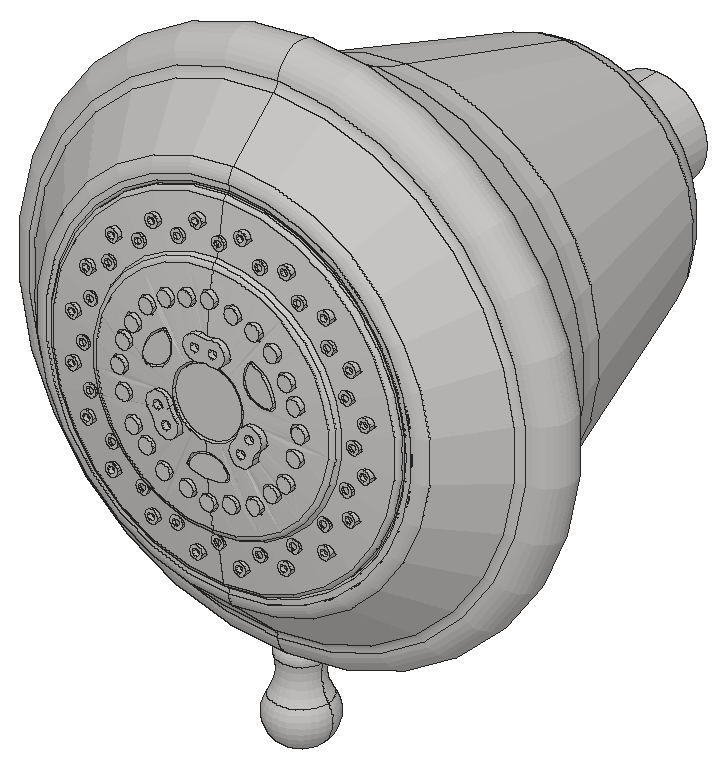
Revit family "RP43381_BIM", category Plumbing Fixtures, host Face, Revit 2014
Parameters (values of type "Standard")
  Width = 4 7/8"
  Vent Connection = no
  URL = "www.deltafaucet.com"
  Manufacturer = "DELTA"  # constant formula
  Faucet Material = Metal - Delta - Stainless-Steel
  Model = "RP43381"  # constant formula
  Height = 5 5/8"
  Description = "Faucet"  # constant formula
  Depth = 5 9/64"
  Default Elevation = 0"
Reference planes (in)
  plane 1 "Center (Front/Back)": y = 0
  plane 2: z = 0
  plane 3 "Center (Left/Right)": x = 0
  plane 4: y = 2.57031
  plane 5: y = -2.57031
  plane 6: z = 5.625
  plane 7: x = 10.125
  plane 8: x = -2.4375
  plane 9: x = 2.4375
Forms (in)
  Revolve 1, solid, material "Metal - Delta - Stainless-Steel" <- "Faucet Material"
    sketch origin (0, 0, 0) x (0, 1, 0) y (0, 0, 1)
      loop
        arc (1.50698, 4.32838) -> (0.63135, 4.66745) -> (-0.27422, 4.91578) r 9.22731
        arc (-0.27422, 4.91578) -> (-0.44052, 4.96367) -> (-0.59941, 5.03228) r 1.36095
        line (-0.59941, 5.03228) -> (-1.13496, 5.30516)
        arc (-1.13496, 5.30516) -> (-1.17586, 5.30355) -> (-1.19586, 5.26784) r 0.04189
        line (-1.19586, 5.26784) -> (-1.19586, 5.16166) -> (-1.23039, 5.16166) -> (-1.20885, 5.26821) -> (-1.20885, 5.375)
        arc (-1.20885, 5.375) -> (-1.44299, 5.62579) -> (-1.70924, 5.4094) r 0.25138
        arc (-1.70924, 5.4094) -> (-1.72336, 5.36634) -> (-1.7517, 5.33099) r 0.1269
        line (-1.7517, 5.33099) -> (-2.20427, 4.93757)
        arc (-2.20427, 4.93757) -> (-2.24456, 4.88361) -> (-2.25885, 4.81779) r 0.15871
        line (-2.25885, 4.81779) -> (-2.25885, 4.76825)
        arc (-2.25885, 4.76825) -> (-2.25152, 4.75054) -> (-2.23381, 4.7432) r 0.02504
        line (-2.23381, 4.7432) -> (-1.88752, 4.7432) -> (-0.48993, 4.83232) -> (1.80384, 3.85867) -> (1.80384, 3.43648) -> (2.53206, 3.43648) -> (2.53206, 3.62057) -> (2.10692, 3.62057)
        arc (2.10692, 3.62057) -> (2.08367, 3.61324) -> (2.06882, 3.59389) r 0.04055
        line (2.06882, 3.59389) -> (2.05098, 3.54486)
        arc (2.05098, 3.54486) -> (2.03814, 3.52813) -> (2.01803, 3.52179) r 0.03506
        line (2.01803, 3.52179) -> (1.95, 3.52179)
        arc (1.95, 3.52179) -> (1.93451, 3.52821) -> (1.9281, 3.54369) r 0.0219
        line (1.9281, 3.54369) -> (1.9281, 3.67887)
        arc (1.9281, 3.67887) -> (1.81361, 4.06591) -> (1.50698, 4.32838) r 0.71145
      axis (2.53206, 3.17613) -> (-2.25885, 3.17613)
    angle from 0 to 360
  Revolve 2, solid, material "Metal - Delta - Stainless-Steel" <- "Faucet Material"
    sketch origin (0, -1.45313, 0) x (1, 0, 0) y (0, 0, 1)
      loop
        line (0.00471, 0) -> (0.00471, 0.84301) -> (-0.09187, 0.84301)
        arc (-0.09187, 0.84301) -> (-0.17784, 0.79921) -> (-0.19295, 0.70391) r 0.10628
        arc (-0.19295, 0.70391) -> (-0.17893, 0.54201) -> (-0.23752, 0.39043) r 0.36008
        arc (-0.23752, 0.39043) -> (-0.2516, 0.13297) -> (-0.03069, 0) r 0.25
        line (-0.03069, 0) -> (0.00471, 0)
      axis (0.00471, 0) -> (0.00471, 0.84301)
    angle from 0 to 360
  Revolve 3, solid, material "Metal - Delta - Stainless-Steel" <- "Faucet Material"
    sketch origin (0, 0, 0) x (0, 1, 0) y (0, 0, 1)
      loop
        arc (-2.27293, 4.7442) -> (-2.29907, 4.73478) -> (-2.31319, 4.71085) r 0.04098
        arc (-2.31319, 4.71085) -> (-2.35056, 4.49694) -> (-2.38171, 4.28204) r 7.49062
        line (-2.38171, 4.28204) -> (-2.41565, 4.26203)
        arc (-2.41565, 4.26203) -> (-2.43438, 4.24423) -> (-2.44337, 4.22001) r 0.05727
        arc (-2.44337, 4.22001) -> (-2.49695, 3.69884) -> (-2.52359, 3.17559) r 10.16294
        line (-2.52359, 3.17559) -> (-2.15906, 3.17559) -> (-2.15906, 4.7442) -> (-2.27293, 4.7442)
      axis (-2.15906, 3.17559) -> (-2.52359, 3.17559)
    angle from 0 to 360
  Extrusion 4, solid, material "Metal - Delta - Stainless-Steel" <- "Faucet Material"
    sketch origin (0, 0, 0) x (1, 0, 0) y (0, 0, 1)
      loop
        circle (-0.20112, 4.50878) r 0.05591
      loop
        circle (-0.20112, 4.50878) r 0.03195
      loop
        circle (-0.59581, 4.37288) r 0.05591
      loop
        circle (-0.59581, 4.37288) r 0.03195
      loop
        circle (-0.9505, 4.13364) r 0.05591
      loop
        circle (-0.9505, 4.13364) r 0.03195
      loop
        circle (-1.17863, 3.79542) r 0.05591
      loop
        circle (-1.17863, 3.79542) r 0.03195
      loop
        circle (-1.30756, 3.39862) r 0.05591
      loop
        circle (-1.30756, 3.39862) r 0.03195
      loop
        circle (-1.30756, 2.98235) r 0.05591
      loop
        circle (-1.30756, 2.98235) r 0.03195
      loop
        circle (-1.17349, 2.59299) r 0.05591
      loop
        circle (-1.17349, 2.59299) r 0.03195
      loop
        circle (-0.95107, 2.25049) r 0.05591
      loop
        circle (-0.95107, 2.25049) r 0.03195
      loop
        circle (-0.59461, 2.00089) r 0.05591
      loop
        circle (-0.59461, 2.00089) r 0.03195
      loop
        circle (-0.19438, 1.85522) r 0.05591
      loop
        circle (-0.19438, 1.85522) r 0.03195
      loop
        circle (-0.37116, 2.032) r 0.05591
      loop
        circle (-0.37116, 2.032) r 0.03195
      loop
        circle (-0.67558, 2.20775) r 0.05591
      loop
        circle (-0.67558, 2.20775) r 0.03195
      loop
        circle (-0.94738, 2.47955) r 0.05591
      loop
        circle (-0.94738, 2.47955) r 0.03195
      loop
        circle (-1.1444, 2.8208) r 0.05591
      loop
        circle (-1.1444, 2.8208) r 0.03195
      loop
        circle (-1.20821, 3.18273) r 0.05591
      loop
        circle (-1.20821, 3.18273) r 0.03195
      loop
        circle (-1.14195, 3.55852) r 0.05591
      loop
        circle (-1.14195, 3.55852) r 0.03195
      loop
        circle (-0.98065, 3.90444) r 0.05591
      loop
        circle (-0.98065, 3.90444) r 0.03195
      loop
        circle (-0.7138, 4.17129) r 0.05591
      loop
        circle (-0.7138, 4.17129) r 0.03195
      loop
        circle (-0.36525, 4.33382) r 0.05591
      loop
        circle (-0.36525, 4.33382) r 0.03195
      loop
        circle (0, 4.39822) r 0.05591
      loop
        circle (0, 4.39822) r 0.03195
      loop
        circle (0, 2.00417) r 0.05591
      loop
        circle (0, 2.00417) r 0.03195
      loop
        circle (0.20112, 4.50878) r 0.05591
      loop
        circle (0.20112, 4.50878) r 0.03195
      loop
        circle (0.59581, 4.37288) r 0.05591
      loop
        circle (0.59581, 4.37288) r 0.03195
      loop
        circle (0.9505, 4.13364) r 0.05591
      loop
        circle (0.9505, 4.13364) r 0.03195
      loop
        circle (1.17863, 3.79542) r 0.05591
      loop
        circle (1.17863, 3.79542) r 0.03195
      loop
        circle (1.30756, 3.39862) r 0.05591
      loop
        circle (1.30756, 3.39862) r 0.03195
      loop
        circle (1.30756, 2.98235) r 0.05591
      loop
        circle (1.30756, 2.98235) r 0.03195
      loop
        circle (1.17349, 2.59299) r 0.05591
      loop
        circle (1.17349, 2.59299) r 0.03195
      loop
        circle (0.95107, 2.25049) r 0.05591
      loop
        circle (0.95107, 2.25049) r 0.03195
      loop
        circle (0.59461, 2.00089) r 0.05591
      loop
        circle (0.59461, 2.00089) r 0.03195
      loop
        circle (0.19438, 1.85522) r 0.05591
      loop
        circle (0.19438, 1.85522) r 0.03195
      loop
        circle (0.37116, 2.032) r 0.05591
      loop
        circle (0.37116, 2.032) r 0.03195
      loop
        circle (0.67558, 2.20775) r 0.05591
      loop
        circle (0.67558, 2.20775) r 0.03195
      loop
        circle (0.94738, 2.47955) r 0.05591
      loop
        circle (0.94738, 2.47955) r 0.03195
      loop
        circle (1.1444, 2.8208) r 0.05591
      loop
        circle (1.1444, 2.8208) r 0.03195
      loop
        circle (1.20821, 3.18273) r 0.05591
      loop
        circle (1.20821, 3.18273) r 0.03195
      loop
        circle (1.14195, 3.55852) r 0.05591
      loop
        circle (1.14195, 3.55852) r 0.03195
      loop
        circle (0.98065, 3.90444) r 0.05591
      loop
        circle (0.98065, 3.90444) r 0.03195
      loop
        circle (0.7138, 4.17129) r 0.05591
      loop
        circle (0.7138, 4.17129) r 0.03195
      loop
        circle (0.36525, 4.33382) r 0.05591
      loop
        circle (0.36525, 4.33382) r 0.03195
    from 2.30359 to 2.38171
  Extrusion 5, void
    sketch origin (0, 0, 0) x (1, 0, 0) y (0, 0, 1)
      loop
        circle (-0.19253, 3.94426) r 0.07492
      loop
        circle (-0.38541, 3.87406) r 0.07492
      loop
        circle (-0.54982, 3.75894) r 0.07492
      loop
        circle (-0.6777, 3.57631) r 0.07492
      loop
        circle (-0.7559, 3.40859) r 0.07492
      loop
        circle (-0.79257, 3.20063) r 0.07492
      loop
        circle (-0.7554, 2.98983) r 0.07492
      loop
        circle (-0.67193, 2.7605) r 0.07492
      loop
        circle (-0.54881, 2.63737) r 0.07492
      loop
        circle (-0.39661, 2.48518) r 0.07492
      loop
        circle (-0.18638, 2.42048) r 0.07492
      loop
        circle (0, 2.36401) r 0.07492
      loop
        circle (0, 3.99459) r 0.07492
      loop
        circle (0.20815, 3.94426) r 0.07492
      loop
        circle (0.40104, 3.87406) r 0.07492
      loop
        circle (0.56544, 3.75894) r 0.07492
      loop
        circle (0.69332, 3.57631) r 0.07492
      loop
        circle (0.77153, 3.40859) r 0.07492
      loop
        circle (0.8082, 3.20063) r 0.07492
      loop
        circle (0.77103, 2.98983) r 0.07492
      loop
        circle (0.68756, 2.7605) r 0.07492
      loop
        circle (0.56443, 2.63737) r 0.07492
      loop
        circle (0.41224, 2.48518) r 0.07492
      loop
        circle (0.20201, 2.42048) r 0.07492
      loop
        arc (-0.58782, 3.36859) -> (-0.57363, 3.31815) -> (-0.52703, 3.29419) r 0.06559
        arc (-0.52703, 3.29419) -> (-0.32787, 3.4167) -> (-0.37691, 3.64531) r 0.20254
        arc (-0.37691, 3.64531) -> (-0.51875, 3.53469) -> (-0.58782, 3.36859) r 0.35362
      loop
        arc (0.60344, 3.36859) -> (0.53437, 3.53469) -> (0.39253, 3.64531) r 0.35362
        arc (0.39253, 3.64531) -> (0.3435, 3.4167) -> (0.54265, 3.29419) r 0.20254
        arc (0.54265, 3.29419) -> (0.58926, 3.31815) -> (0.60344, 3.36859) r 0.06559
      loop
        arc (0.16024, 2.58373) -> (0.19617, 2.62188) -> (0.19268, 2.67417) r 0.06559
        arc (0.19268, 2.67417) -> (-0.01493, 2.78171) -> (-0.18559, 2.62188) r 0.20254
        arc (-0.18559, 2.62188) -> (-0.01769, 2.55733) -> (0.16024, 2.58373) r 0.35362
      loop
        circle (0.01563, 3.18738) r 0.31682
    from 1.74204 to 2.59707
  Extrusion 6, solid, material "Metal - Delta - Stainless-Steel" <- "Faucet Material"
    sketch origin (0, -2.15906, 3.17559) x (-1, 0, 0) y (0, 0, 1)
      loop
        circle (-0.01562, 0.01178) r 0.29633
      loop
        circle (0.38541, 0.69846) r 0.06252
      loop
        circle (0.19982, 0.76601) r 0.06252
      loop
        circle (-0.00103, 0.81609) r 0.06252
      loop
        circle (0.55039, 0.58203) r 0.06252
      loop
        circle (0.6781, 0.39268) r 0.06252
      loop
        circle (0.75616, 0.22529) r 0.06252
      loop
        circle (0.8003, 0.01763) r 0.06252
      loop
        circle (0.75668, -0.18755) r 0.06252
      loop
        circle (0.67118, -0.42247) r 0.06252
      loop
        circle (0.55094, -0.54271) r 0.06252
      loop
        circle (0.3969, -0.69675) r 0.06252
      loop
        circle (0.18639, -0.75712) r 0.06252
      loop
        circle (0.0013, -0.80671) r 0.06252
      loop
        circle (-0.40104, 0.69846) r 0.06252
      loop
        circle (-0.21544, 0.76601) r 0.06252
      loop
        circle (-0.56601, 0.58203) r 0.06252
      loop
        circle (-0.69373, 0.39268) r 0.06252
      loop
        circle (-0.77178, 0.22529) r 0.06252
      loop
        circle (-0.81592, 0.01763) r 0.06252
      loop
        circle (-0.77231, -0.18755) r 0.06252
      loop
        circle (-0.6868, -0.42247) r 0.06252
      loop
        circle (-0.56657, -0.54271) r 0.06252
      loop
        circle (-0.41253, -0.69675) r 0.06252
      loop
        circle (-0.20201, -0.75712) r 0.06252
      loop
        arc (0.57324, 0.20164) -> (0.51346, 0.33685) -> (0.4036, 0.43578) r 0.35337
        arc (0.4036, 0.43578) -> (0.37636, 0.43971) -> (0.35388, 0.42382) r 0.03718
        arc (0.35388, 0.42382) -> (0.35079, 0.22691) -> (0.52682, 0.1386) r 0.18516
        arc (0.52682, 0.1386) -> (0.56411, 0.15975) -> (0.57324, 0.20164) r 0.05256
      loop
        arc (-0.58887, 0.20164) -> (-0.57974, 0.15975) -> (-0.54244, 0.1386) r 0.05256
        arc (-0.54244, 0.1386) -> (-0.36641, 0.22691) -> (-0.3695, 0.42382) r 0.18516
        arc (-0.3695, 0.42382) -> (-0.39198, 0.43971) -> (-0.41922, 0.43578) r 0.03718
        arc (-0.41922, 0.43578) -> (-0.52909, 0.33685) -> (-0.58887, 0.20164) r 0.35337
      loop
        arc (-0.15368, -0.57815) -> (-0.00911, -0.60907) -> (0.13547, -0.57815) r 0.35337
        arc (0.13547, -0.57815) -> (0.15463, -0.55839) -> (0.15495, -0.53087) r 0.03718
        arc (0.15495, -0.53087) -> (-0.00269, -0.41283) -> (-0.17749, -0.50357) r 0.18516
        arc (-0.17749, -0.50357) -> (-0.18224, -0.54617) -> (-0.15368, -0.57815) r 0.05256
    from 0 to -0.34209
  Extrusion 7, solid, material "Metal - Delta - Stainless-Steel" <- "Faucet Material"
    sketch origin (0, 0, 0) x (1, 0, 0) y (0, 0, 1)
      loop
        arc (-0.04248, 3.71634) -> (-0.1791, 3.61081) -> (-0.0364, 3.51367) r 0.10664
        arc (-0.0364, 3.51367) -> (0.00803, 3.52143) -> (0.05248, 3.51373) r 0.13154
        arc (0.05248, 3.51373) -> (0.19541, 3.6117) -> (0.05759, 3.71675) r 0.10692
        arc (0.05759, 3.71675) -> (0.00759, 3.70925) -> (-0.04248, 3.71634) r 0.17535
      loop
        circle (-0.0725, 3.61401) r 0.03926
      loop
        circle (0.08852, 3.6144) r 0.03887
      loop
        arc (-0.29654, 3.06333) -> (-0.45274, 3.13681) -> (-0.47416, 2.96552) r 0.10664
        arc (-0.47416, 2.96552) -> (-0.44699, 2.92951) -> (-0.43358, 2.88645) r 0.13154
        arc (-0.43358, 2.88645) -> (-0.28123, 2.80389) -> (-0.25056, 2.97444) r 0.10692
        arc (-0.25056, 2.97444) -> (-0.28002, 3.01553) -> (-0.29654, 3.06333) r 0.17535
      loop
        circle (-0.4013, 3.0434) r 0.03926
      loop
        circle (-0.32755, 2.90025) r 0.03887
      loop
        arc (0.31217, 3.06333) -> (0.29565, 3.01553) -> (0.26618, 2.97444) r 0.17535
        arc (0.26618, 2.97444) -> (0.29685, 2.80389) -> (0.44921, 2.88645) r 0.10692
        arc (0.44921, 2.88645) -> (0.46262, 2.92951) -> (0.48978, 2.96552) r 0.13154
        arc (0.48978, 2.96552) -> (0.46837, 3.13681) -> (0.31217, 3.06333) r 0.10664
      loop
        circle (0.41693, 3.0434) r 0.03926
      loop
        circle (0.34318, 2.90025) r 0.03887
    from 2.30359 to 2.5489
Cuts and joins
  Extrusion 5 cuts Revolve 3
Dimensions and locks (in)
  equal spacing: plane 4, plane 1 "Center (Front/Back)", plane 5
  "Depth": plane 4 to plane 5
  "Height": plane 6 to plane 2
  equal spacing: plane 8, plane 3 "Center (Left/Right)", plane 9
  "Width": plane 8 to plane 9
  aligned and locked: plane 2 to host face
  aligned and locked: level to host face
Automatic sketch dimensions
  host sketch curve to host sketch curve = 96"  (x2)
  plane 5 to Revolve 1 sketch curve = 0.31146"
  plane 5 to Revolve 1 sketch curve = 0.31176"
  Revolve 1 sketch curve to Revolve 1 sketch curve = 0.02504"
  Revolve 1 sketch curve to Revolve 1 sketch curve = 0.05459"
  Revolve 1 sketch curve to Revolve 1 sketch curve = 0.13367"
  Revolve 1 sketch curve to Revolve 1 sketch curve = 0.21262"
  plane 6 to Revolve 1 sketch curve = 0.19824"
  Revolve 1 sketch curve to Revolve 1 sketch curve = 0.36931"
  plane 6 to Revolve 1 sketch curve = 0.29401"
  Revolve 1 sketch curve to Revolve 1 sketch curve = 0.08326"
  Revolve 1 sketch curve to Revolve 1 sketch curve = 0.29147"
  Revolve 1 sketch curve to Revolve 1 sketch curve = 0.22984"
  Revolve 1 sketch curve to Revolve 1 sketch curve = 0.02154"
  Revolve 1 sketch curve to Revolve 1 sketch curve = 0.01299"
  Revolve 1 sketch curve to Revolve 1 sketch curve = 0.04189"
  plane 6 to Revolve 1 sketch curve = 0.31984"
  Revolve 1 sketch curve to Revolve 1 sketch curve = 0.01902"
  plane 1 "Center (Front/Back)" to Revolve 1 sketch curve = 0.59941"
  Revolve 1 sketch curve to Revolve 1 sketch curve = 0.10948"
  Revolve 1 sketch curve to plane 1 "Center (Front/Back)" = 0.01845"
  Revolve 1 sketch curve to plane 1 "Center (Front/Back)" = 1.21665"
  Revolve 1 sketch curve to Revolve 1 sketch curve = 0.58719"
  Revolve 1 sketch curve to Revolve 1 sketch curve = 0.12426"
  Revolve 1 sketch curve to Revolve 1 sketch curve = 0.0219"
  Revolve 1 sketch curve to Revolve 1 sketch curve = 0.06804"
  Revolve 1 sketch curve to Revolve 1 sketch curve = 0.03294"
  Revolve 1 sketch curve to Revolve 1 sketch curve = 0.01785"
  Revolve 1 sketch curve to Revolve 1 sketch curve = 0.0381"
  Revolve 1 sketch curve to plane 4 = 0.03825"  (x2)
  Revolve 1 sketch curve to Revolve 1 sketch curve = 0.10617"
  plane 6 to Revolve 1 sketch curve = 0.59272"
  Revolve 1 sketch curve to Revolve 1 sketch curve = 0.39341"
  Revolve 1 sketch curve to Revolve 1 sketch curve = 0.19996"
  Revolve 1 sketch curve to Revolve 1 sketch curve = 0.04954"
  plane 6 to Revolve 1 sketch curve = 1.76633"
  Revolve 1 sketch curve to Revolve 1 sketch curve = 0.1798"
  Revolve 1 sketch curve to Revolve 1 sketch curve = 0.0583"
  Revolve 1 sketch curve to Revolve 1 sketch curve = 0.02668"
  Revolve 1 sketch curve to Revolve 1 sketch curve = 0.03704"
  Revolve 1 sketch curve to Revolve 1 sketch curve = 0.01199"
  Revolve 1 sketch curve to Revolve 1 sketch curve = 0.18409"
  Revolve 1 sketch curve to level = 4.09563"
  Revolve 1 sketch curve to Revolve 1 sketch curve = 0.00037"
  Revolve 1 sketch curve to Revolve 1 sketch curve = 0.06984"
  Revolve 1 sketch curve to plane 6 = 0.6199"
  Revolve 1 sketch curve to Revolve 1 sketch curve = 0"
  Revolve 1 sketch curve to plane 4 = 0.35702"
  Revolve 1 sketch curve to Revolve 1 sketch curve = 0.34566"
  Revolve 2 sketch curve to level = 0"
  Revolve 2 sketch curve to plane 3 "Center (Left/Right)" = 0.53541"
  Revolve 2 sketch curve to plane 3 "Center (Left/Right)" = 0.09187"
  Revolve 2 sketch curve to plane 3 "Center (Left/Right)" = 0.03069"
  plane 3 "Center (Left/Right)" to Revolve 2 sketch curve = 0.00471"  (x2)
  Revolve 2 sketch curve to Revolve 2 sketch curve = 1/4"
  level to Revolve 2 sketch curve = 0.5927"
  Revolve 2 sketch curve to Revolve 2 sketch curve = 0.3463"
  Revolve 2 sketch curve to Revolve 2 sketch curve = 0.10628"
  Revolve 2 sketch curve to Revolve 2 sketch curve = 0"
  Revolve 2 sketch curve to Revolve 2 sketch curve = 0.0071"
  Revolve 2 sketch curve to Revolve 2 sketch curve = 0.0659"
  plane 5 to Revolve 3 sketch curve = 0.04672"
  plane 5 to Revolve 3 sketch curve = 0.15466"
  Revolve 3 sketch curve to Revolve 3 sketch curve = 0.02908"
  Revolve 3 sketch curve to Revolve 3 sketch curve = 0.03394"
  plane 5 to Revolve 3 sketch curve = 0.29738"
  Revolve 3 sketch curve to Revolve 3 sketch curve = 0.36453"
  plane 4 to Revolve 3 sketch curve = 2.47593"
  Revolve 3 sketch curve to Revolve 3 sketch curve = 2.58991"
  plane 6 to Revolve 3 sketch curve = 2.70445"
  plane 6 to Revolve 3 sketch curve = 2.30992"
  plane 6 to Revolve 3 sketch curve = 2.44941"
  Revolve 3 sketch curve to Revolve 3 sketch curve = 1.0371"
  Revolve 3 sketch curve to Revolve 3 sketch curve = 0.04202"
  Revolve 3 sketch curve to Revolve 3 sketch curve = 0.02"
  Revolve 3 sketch curve to Revolve 3 sketch curve = 0.42118"
  Revolve 3 sketch curve to Revolve 3 sketch curve = 0.04098"
  Revolve 3 sketch curve to plane 5 = 0.13532"
  Revolve 3 sketch curve to Revolve 3 sketch curve = 0.15844"
  Revolve 3 sketch curve to Revolve 3 sketch curve = 0"
  Extrusion 4 sketch curve to Extrusion 4 sketch curve = 0"  (x81)
  Extrusion 4 sketch curve to plane 3 "Center (Left/Right)" = 0"  (x2)
  Extrusion 4 sketch curve to plane 3 "Center (Left/Right)" = 0.19438"
  Extrusion 4 sketch curve to plane 3 "Center (Left/Right)" = 0.20112"
  Extrusion 4 sketch curve to Extrusion 4 sketch curve = 0.16413"  (x2)
  Extrusion 4 sketch curve to Extrusion 4 sketch curve = 0.17678"  (x2)
  Extrusion 4 sketch curve to Extrusion 4 sketch curve = 0.22345"  (x2)
  Extrusion 4 sketch curve to Extrusion 4 sketch curve = 0.23056"  (x2)
  Extrusion 4 sketch curve to Extrusion 4 sketch curve = 0.08097"  (x2)
  Extrusion 4 sketch curve to Extrusion 4 sketch curve = 0.11799"  (x2)
  Extrusion 4 sketch curve to Extrusion 4 sketch curve = 0.2718"  (x2)
  Extrusion 4 sketch curve to Extrusion 4 sketch curve = 0.2367"  (x2)
  Extrusion 4 sketch curve to Extrusion 4 sketch curve = 0.00369"  (x2)
  Extrusion 4 sketch curve to Extrusion 4 sketch curve = 0.03015"  (x2)
  Extrusion 4 sketch curve to Extrusion 4 sketch curve = 0.16131"  (x2)
  Extrusion 4 sketch curve to Extrusion 4 sketch curve = 0.19702"  (x2)
  Extrusion 4 sketch curve to Extrusion 4 sketch curve = 0.02909"  (x2)
  Extrusion 4 sketch curve to Extrusion 4 sketch curve = 0.19798"  (x2)
  Extrusion 4 sketch curve to Extrusion 4 sketch curve = 0.06382"  (x2)
  Extrusion 4 sketch curve to Extrusion 4 sketch curve = 0.16561"  (x2)
  Extrusion 4 sketch curve to Extrusion 4 sketch curve = 0.09934"  (x2)
  plane 3 "Center (Left/Right)" to Extrusion 4 sketch curve = 0.19438"
  plane 3 "Center (Left/Right)" to Extrusion 4 sketch curve = 0.20112"
  level to Extrusion 4 sketch curve = 1.85522"
  Extrusion 4 sketch curve to Extrusion 4 sketch curve = 0.14567"  (x2)
  Extrusion 4 sketch curve to Extrusion 4 sketch curve = 0.14895"
  Extrusion 4 sketch curve to Extrusion 4 sketch curve = 0.03111"  (x2)
  Extrusion 4 sketch curve to Extrusion 4 sketch curve = 0.20686"  (x2)
  Extrusion 4 sketch curve to Extrusion 4 sketch curve = 0.04274"  (x2)
  Extrusion 4 sketch curve to Extrusion 4 sketch curve = 0.22906"  (x2)
  Extrusion 4 sketch curve to Extrusion 4 sketch curve = 0.11343"  (x2)
  Extrusion 4 sketch curve to Extrusion 4 sketch curve = 0.22781"  (x2)
  Extrusion 4 sketch curve to Extrusion 4 sketch curve = 0.16155"  (x2)
  Extrusion 4 sketch curve to Extrusion 4 sketch curve = 0.20038"  (x2)
  Extrusion 4 sketch curve to Extrusion 4 sketch curve = 0.21589"  (x2)
  Extrusion 4 sketch curve to Extrusion 4 sketch curve = 0.15989"  (x2)
  Extrusion 4 sketch curve to Extrusion 4 sketch curve = 0.2369"  (x2)
  Extrusion 4 sketch curve to Extrusion 4 sketch curve = 0.10902"  (x2)
  Extrusion 4 sketch curve to Extrusion 4 sketch curve = 0.2292"  (x2)
  Extrusion 4 sketch curve to Extrusion 4 sketch curve = 0.03764"  (x2)
  Extrusion 4 sketch curve to Extrusion 4 sketch curve = 0.16253"  (x2)
  Extrusion 4 sketch curve to Extrusion 4 sketch curve = 0.20159"  (x2)
  Extrusion 4 sketch curve to Extrusion 4 sketch curve = 0.0644"
  Extrusion 4 sketch curve to Extrusion 4 sketch curve = 0.11056"  (x2)
  plane 3 "Center (Left/Right)" to Extrusion 5 sketch curve = 1/64"
  Extrusion 5 sketch curve to plane 3 "Center (Left/Right)" = 0"  (x2)
  Extrusion 5 sketch curve to plane 3 "Center (Left/Right)" = 0.18638"
  Extrusion 5 sketch curve to plane 3 "Center (Left/Right)" = 0.19253"
  Extrusion 5 sketch curve to plane 3 "Center (Left/Right)" = 0.2375"
  Extrusion 5 sketch curve to Extrusion 5 sketch curve = 0.19288"  (x2)
  Extrusion 5 sketch curve to Extrusion 5 sketch curve = 0.21023"  (x2)
  Extrusion 5 sketch curve to Extrusion 5 sketch curve = 0.27661"  (x2)
  Extrusion 5 sketch curve to Extrusion 5 sketch curve = 0.00874"  (x2)
  Extrusion 5 sketch curve to Extrusion 5 sketch curve = 0.15219"  (x4)
  Extrusion 5 sketch curve to Extrusion 5 sketch curve = 0.1644"  (x2)
  Extrusion 5 sketch curve to Extrusion 5 sketch curve = 0.12313"  (x4)
  Extrusion 5 sketch curve to Extrusion 5 sketch curve = 0.16359"  (x2)
  Extrusion 5 sketch curve to Extrusion 5 sketch curve = 0.08347"  (x2)
  Extrusion 5 sketch curve to Extrusion 5 sketch curve = 0.07821"  (x2)
  Extrusion 5 sketch curve to Extrusion 5 sketch curve = 0.03667"  (x2)
  plane 3 "Center (Left/Right)" to Extrusion 5 sketch curve = 0.0128"
  plane 3 "Center (Left/Right)" to Extrusion 5 sketch curve = 0.02108"
  plane 3 "Center (Left/Right)" to Extrusion 5 sketch curve = 0.13443"
  plane 3 "Center (Left/Right)" to Extrusion 5 sketch curve = 0.20201"
  plane 3 "Center (Left/Right)" to Extrusion 5 sketch curve = 0.20815"
  plane 3 "Center (Left/Right)" to Extrusion 5 sketch curve = 0.25313"
  level to Extrusion 5 sketch curve = 2.36401"
  Extrusion 5 sketch curve to Extrusion 5 sketch curve = 0.05646"  (x2)
  Extrusion 5 sketch curve to Extrusion 5 sketch curve = 0.0647"  (x2)
  Extrusion 5 sketch curve to Extrusion 5 sketch curve = 0.21707"
  Extrusion 5 sketch curve to Extrusion 5 sketch curve = 0.06294"
  Extrusion 5 sketch curve to Extrusion 5 sketch curve = 0.2648"
  Extrusion 5 sketch curve to Extrusion 5 sketch curve = 0.22933"  (x2)
  Extrusion 5 sketch curve to Extrusion 5 sketch curve = 0.27855"
  Extrusion 5 sketch curve to Extrusion 5 sketch curve = 0.2108"  (x2)
  Extrusion 5 sketch curve to Extrusion 5 sketch curve = 0.13295"  (x2)
  Extrusion 5 sketch curve to Extrusion 5 sketch curve = 0.03931"  (x2)
  Extrusion 5 sketch curve to Extrusion 5 sketch curve = 0.20796"  (x2)
  Extrusion 5 sketch curve to Extrusion 5 sketch curve = 0.13668"  (x2)
  Extrusion 5 sketch curve to Extrusion 5 sketch curve = 0.07999"  (x2)
  Extrusion 5 sketch curve to Extrusion 5 sketch curve = 0.18263"  (x2)
  Extrusion 5 sketch curve to Extrusion 5 sketch curve = 0.11512"  (x2)
  Extrusion 5 sketch curve to Extrusion 5 sketch curve = 0.0702"  (x2)
  Extrusion 5 sketch curve to Extrusion 5 sketch curve = 0.05033"
  Extrusion 5 sketch curve to plane 3 "Center (Left/Right)" = 0.18559"
  Extrusion 5 sketch curve to Extrusion 5 sketch curve = 0.1372"  (x2)
  Extrusion 5 sketch curve to Extrusion 5 sketch curve = 0.00418"  (x2)
  Extrusion 5 sketch curve to Extrusion 5 sketch curve = 0"  (x3)
  Extrusion 5 sketch curve to Extrusion 5 sketch curve = 0.02581"
  Revolve 3 to Extrusion 6 sketch curve = 0.81592"
  Extrusion 6 sketch curve to Extrusion 6 sketch curve = 0.04361"  (x2)
  Extrusion 6 sketch curve to Extrusion 6 sketch curve = 0.04414"
  Extrusion 6 sketch curve to Extrusion 6 sketch curve = 0.07805"  (x2)
  Extrusion 6 sketch curve to Extrusion 6 sketch curve = 0.08551"  (x2)
  Extrusion 6 sketch curve to Extrusion 6 sketch curve = 0.12023"  (x4)
  Extrusion 6 sketch curve to Extrusion 6 sketch curve = 0.12772"
  Extrusion 6 sketch curve to Extrusion 6 sketch curve = 15/64"
  Extrusion 6 sketch curve to Extrusion 6 sketch curve = 0.01268"  (x2)
  Extrusion 6 sketch curve to Extrusion 6 sketch curve = 0.15404"  (x4)
  Extrusion 6 sketch curve to Extrusion 6 sketch curve = 0.16498"  (x2)
  Extrusion 6 sketch curve to Extrusion 6 sketch curve = 0.12406"  (x2)
  Revolve 3 to Extrusion 6 sketch curve = 0.24293"
  Extrusion 6 sketch curve to Extrusion 6 sketch curve = 0.18559"  (x2)
  Revolve 3 to Extrusion 6 sketch curve = 0.20201"
  Revolve 3 to Extrusion 6 sketch curve = 0.13218"
  Revolve 3 to Extrusion 6 sketch curve = 0.01785"
  Revolve 3 to Extrusion 6 sketch curve = 0.00911"
  Revolve 3 to Extrusion 6 sketch curve = 1/64"
  Revolve 3 to Extrusion 6 sketch curve = 0.00103"
  Extrusion 6 sketch curve to Revolve 3 = 0.0013"
  Extrusion 6 sketch curve to Revolve 3 = 0.12025"
  Extrusion 6 sketch curve to Revolve 3 = 0.18639"
  Extrusion 6 sketch curve to Revolve 3 = 0.19982"
  Extrusion 6 sketch curve to Revolve 3 = 0.22731"
  Extrusion 6 sketch curve to Extrusion 6 sketch curve = 0.15774"
  Extrusion 6 sketch curve to Extrusion 6 sketch curve = 0.21051"
  Extrusion 6 sketch curve to Extrusion 6 sketch curve = 0.16899"
  Extrusion 6 sketch curve to Extrusion 6 sketch curve = 0.04959"  (x2)
  Extrusion 6 sketch curve to Extrusion 6 sketch curve = 0.06036"  (x2)
  Extrusion 6 sketch curve to Extrusion 6 sketch curve = 0.20935"
  Extrusion 6 sketch curve to Extrusion 6 sketch curve = 0.05314"
  Extrusion 6 sketch curve to Extrusion 6 sketch curve = 0.06717"
  Extrusion 6 sketch curve to Extrusion 6 sketch curve = 0.27449"
  Extrusion 6 sketch curve to Extrusion 6 sketch curve = 0.23492"  (x2)
  Extrusion 6 sketch curve to Extrusion 6 sketch curve = 0.26749"
  Extrusion 6 sketch curve to Extrusion 6 sketch curve = 0.20518"  (x2)
  Extrusion 6 sketch curve to Extrusion 6 sketch curve = 0.11774"  (x2)
  Extrusion 6 sketch curve to Extrusion 6 sketch curve = 0.06139"  (x2)
  Extrusion 6 sketch curve to Extrusion 6 sketch curve = 0.20766"  (x2)
  Extrusion 6 sketch curve to Extrusion 6 sketch curve = 0.13199"  (x2)
  Extrusion 6 sketch curve to Extrusion 6 sketch curve = 0.06978"  (x2)
  Extrusion 6 sketch curve to Extrusion 6 sketch curve = 0.08066"  (x2)
  Extrusion 6 sketch curve to Extrusion 6 sketch curve = 0.18935"  (x2)
  Extrusion 6 sketch curve to Extrusion 6 sketch curve = 0.11644"  (x2)
  Extrusion 6 sketch curve to Extrusion 6 sketch curve = 0.06755"  (x2)
  Extrusion 6 sketch curve to Extrusion 6 sketch curve = 0.05008"
  Extrusion 6 sketch curve to Extrusion 6 sketch curve = 0.05145"
  Extrusion 6 sketch curve to Extrusion 6 sketch curve = 0"  (x9)
  Extrusion 6 sketch curve to Extrusion 6 sketch curve = 0.04531"
  Extrusion 6 sketch curve to Extrusion 6 sketch curve = 0.03117"
  Extrusion 7 sketch curve to Extrusion 7 sketch curve = 0"  (x23)
  Extrusion 7 sketch curve to plane 3 "Center (Left/Right)" = 0.56403"
  Extrusion 7 sketch curve to Extrusion 7 sketch curve = 0.16272"  (x2)
  Extrusion 7 sketch curve to Extrusion 7 sketch curve = 0.07375"  (x2)
  Extrusion 7 sketch curve to plane 3 "Center (Left/Right)" = 0.12428"
  Extrusion 7 sketch curve to plane 3 "Center (Left/Right)" = 0.0725"
  plane 3 "Center (Left/Right)" to Extrusion 7 sketch curve = 0.00687"
  plane 3 "Center (Left/Right)" to Extrusion 7 sketch curve = 0.00813"
  plane 3 "Center (Left/Right)" to Extrusion 7 sketch curve = 0.08852"
  plane 3 "Center (Left/Right)" to Extrusion 7 sketch curve = 0.1399"
  Extrusion 7 sketch curve to Extrusion 7 sketch curve = 0.20328"
  plane 6 to Extrusion 7 sketch curve = 2.75554"
  Extrusion 7 sketch curve to Extrusion 7 sketch curve = 0.03079"  (x2)
  Extrusion 7 sketch curve to Extrusion 7 sketch curve = 0.14314"  (x2)
  Extrusion 7 sketch curve to Extrusion 7 sketch curve = 0.05271"
  Extrusion 7 sketch curve to Extrusion 7 sketch curve = 0.29378"
  Extrusion 7 sketch curve to Extrusion 7 sketch curve = 0.22412"
  Extrusion 7 sketch curve to Extrusion 7 sketch curve = 0.00038"
  Extrusion 7 sketch curve to Extrusion 7 sketch curve = 0.27059"
  Extrusion 7 sketch curve to Extrusion 7 sketch curve = 0.07286"
  Extrusion 7 sketch curve to plane 3 "Center (Left/Right)" = 0.04248"
  Extrusion 7 sketch curve to Extrusion 7 sketch curve = 0.077"
  radius of Extrusion 4 sketch curve = 0.05591"  (x40)
  radius of Extrusion 4 sketch curve = 0.03195"  (x40)
  radius of Extrusion 5 sketch curve = 0.07492"  (x24)
  radius of Extrusion 5 sketch curve = 0.31682"
  radius of Extrusion 6 sketch curve = 0.29633"
  radius of Extrusion 6 sketch curve = 0.06252"  (x24)
  radius of Extrusion 7 sketch curve = 0.03926"  (x3)
  radius of Extrusion 7 sketch curve = 0.03887"  (x3)
